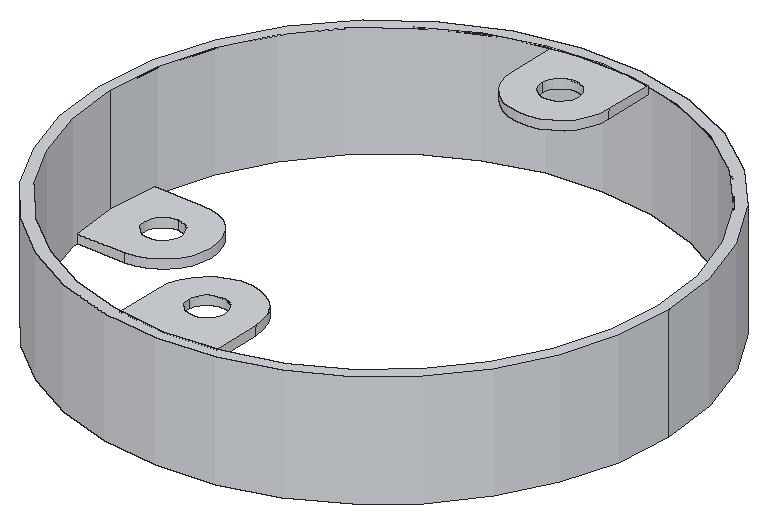
Revit family "SR13G", category Generic Models, Revit 2017
Family settings
  Can host rebar = No
  Round Connector Dimension = Use Diameter
  Part Type = Normal
  Work Plane-Based = Yes
  Always vertical = No
  Cut with Voids When Loaded = No
  Shared = No
  Room Calculation Point = No
Parameters (values of type "NBS Standard Parameters")
  Weight = "0.043Kg"
  WarrantyStartDate [instance] = "1900-12-31T23:59:59"
  WarrantyGuarantorParts = "n/a"
  WarrantyGuarantorLabor = "n/a"
  WarrantyDurationUnit = "1year"
  WarrantyDurationParts = "n/a"
  WarrantyDurationLabor = "n/a"
  WarrantyDescription = "n/a"
  Version = "1"
  Uniclass2 = "Pr_65_70_11_20"
  TagNumber [instance] = "n/a"
  SustainabilityPerformance = "n/a"
  Size = "13mm"
  Shape = "Circular"
  SerialNumber [instance] = "n/a"
  Revision = "n/a"
  ReplacementCost = "n/a"
  ProductInformation = "www.metpro.co.uk/pdf/sr13g.pdf"
  NominalWidth = 65 mm
  NominalLength = 65 mm
  NominalHeight = 13 mm
  Name = ""
  NBSTypeID = ""
  NBSReference = "90-55-10/460"
  NBSOfficeMasterTag = ""
  NBSNote = ""
  NBSDescription = "Conduit Fittings"
  NBSCertification = ""
  ModelReference = "SR13G"
  ModelNumber = "n/a"
  Material = "Steel"
  ManufacturerURL = "www.metpro.co.uk"
  ManufacturerName = "Metpro Ltd"
  InstallationDate [instance] = "1900-12-31T23:59:59"
  IfcExportType = ""
  IfcExportAs = ""
  Grade = "n/a"
  Finish = "BZP"
  Features = "n/a"
  ExpectedLife = "n/a"
  DurationUnit = "year"
  Description = "SR13G  - 13mm Extension Ring"
  Default Elevation = 1219.2 mm
  Constituents = "n/a"
  Color = "n/a"
  CodePerformance = "n/a"
  Category = "n/a"
  BarCode [instance] = "n/a"
  BIMObjectName = "Metpro-metprolibrary_conduitfittings_metalcomponent_steelaccessories"
  Author = "Metpro Ltd"
  AssetType = ""
  AssetIdentifier [instance] = "n/a"
  AccessibilityPerformance = "n/a"
Reference planes
  plane 1 "Center (Front/Back)": y = 0
  plane 2: z = 0
  plane 3 "Center (Left/Right)": x = 0
Forms (mm)
  Extrusion 1, solid
    sketch origin (155.828, 979.169, 0) x (1, 0, 0) y (0, 1, 0)
      loop
        circle (0, 0) r 32.5
      loop
        circle (0, 0) r 31.25
    from 0 to 13
  Extrusion 2, solid
    sketch origin (155.828, 979.169, 13) x (1, 0, 0) y (0, 1, 0)
      loop
        arc (5.546, -25.174) -> (0.046, -19.674) -> (-5.454, -25.174) r 5.5
        line (-5.454, -25.174) -> (-5.454, -30.77)
        arc (-5.454, -30.77) -> (0.047, -31.25) -> (5.546, -30.754) r 31.25
        line (5.546, -30.754) -> (5.546, -25.174)
      loop
        circle (0, -25.2) r 2.1
      loop
        line (5.546, 25.174) -> (5.546, 30.754)
        arc (5.546, 30.754) -> (0.047, 31.25) -> (-5.454, 30.77) r 31.25
        line (-5.454, 30.77) -> (-5.454, 25.174)
        arc (-5.454, 25.174) -> (0.046, 19.674) -> (5.546, 25.174) r 5.5
      loop
        circle (0, 25.2) r 2.1
    from 0 to -1
  Extrusion 3, solid
    sketch origin (155.828, 979.169, 0) x (0, 1, 0) y (1, 0, 0)
      loop
        line (5.546, 25.174) -> (5.546, 30.754)
        arc (5.546, 30.754) -> (0.047, 31.25) -> (-5.454, 30.77) r 31.25
        line (-5.454, 30.77) -> (-5.454, 25.174)
        arc (-5.454, 25.174) -> (0.046, 19.674) -> (5.546, 25.174) r 5.5
      loop
        circle (0, 25.2) r 2.1
      loop
        arc (5.546, -25.174) -> (0.046, -19.674) -> (-5.454, -25.174) r 5.5
        line (-5.454, -25.174) -> (-5.454, -30.77)
        arc (-5.454, -30.77) -> (0.047, -31.25) -> (5.546, -30.754) r 31.25
        line (5.546, -30.754) -> (5.546, -25.174)
      loop
        circle (0, -25.2) r 2.1
    from 0 to -1
Dimensions and locks
  aligned and locked: level to plane 2
